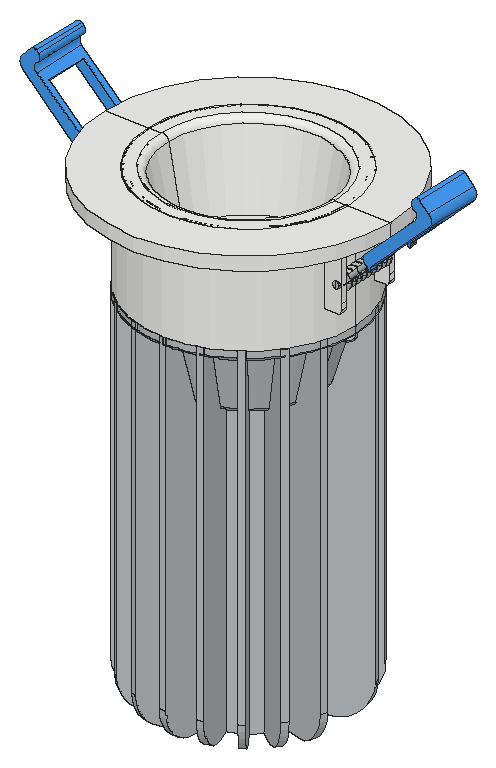
Revit family "2 inch  PORLA LED DOWNLIGHT", category Lighting Fixtures, host Face, Revit 2020 (continued)
Definition of nested family "DLR 2 INCH"
  Automatic sketch dimensions
    Extrusion 29 sketch curve to Extrusion 29 sketch curve = 0' - 0.08165"
    Extrusion 29 sketch curve to Extrusion 29 sketch curve = 0' - 0.02365"  (x2)
    Extrusion 29 sketch curve to Extrusion 29 sketch curve = 0' - 0.05452"
    Extrusion 29 sketch curve to plane 9 = 0' - 0.05332"
    Extrusion 29 sketch curve to Extrusion 29 sketch curve = 0' - 0.01827"
    Extrusion 29 sketch curve to plane 9 = 0' - 0.01679"
    Extrusion 29 sketch curve to plane 9 = 0' - 0.01433"
    Extrusion 29 sketch curve to plane 9 = 0' - 0.00472"
    plane 9 to Extrusion 29 sketch curve = 0' - 0.03558"
    Extrusion 29 sketch curve to Extrusion 29 sketch curve = 0' - 0.10315"
    Extrusion 29 sketch curve to Extrusion 29 sketch curve = 0' - 0.03579"
    Extrusion 29 sketch curve to Extrusion 29 sketch curve = 0' - 0.00419"
    Extrusion 29 sketch curve to Extrusion 29 sketch curve = 0' - 0.10983"
    Extrusion 29 sketch curve to Extrusion 29 sketch curve = 0' - 0.04898"
    Extrusion 29 sketch curve to plane 12 = 0' - 0.18279"
    Extrusion 29 sketch curve to Extrusion 29 sketch curve = 0' - 0.05616"
    Extrusion 29 sketch curve to Extrusion 29 sketch curve = 0' - 0.05381"
    Extrusion 29 sketch curve to Extrusion 29 sketch curve = 0' - 0.01893"
    Extrusion 29 sketch curve to Extrusion 29 sketch curve = 0' - 0.03608"
    Extrusion 29 sketch curve to Extrusion 29 sketch curve = 0' - 0.01315"
    plane 9 to Extrusion 29 sketch curve = 0' - 0.03504"
    Extrusion 29 sketch curve to Extrusion 29 sketch curve = 0' - 0.00378"
    Extrusion 29 sketch curve to Extrusion 29 sketch curve = 0' - 0.0037"
    Extrusion 30 sketch curve to plane 12 = 0' - 0.10605"
    plane 9 to Extrusion 30 sketch curve = 0' - 0.58378"
    Extrusion 30 sketch curve to plane 12 = 0' - 0.25545"
    Extrusion 30 sketch curve to Extrusion 30 sketch curve = 0' - 0.1494"
    plane 9 to Extrusion 30 sketch curve = 0' - 0.01799"
    Extrusion 30 sketch curve to plane 9 = 0' - 0.15117"
    plane 7 to Sweep 31 sketch curve = 0' - 0.1282"
    Sweep 31 sketch curve to Sweep 31 sketch curve = 0' - 0.03776"
    Sweep 31 sketch curve to Sweep 31 sketch curve = 0' - 0.05635"  (x2)
    Sweep 31 sketch curve to Sweep 31 sketch curve = 0' - 0.08534"
    Sweep 31 sketch curve to plane 12 = 0' - 0.56322"
    Sweep 31 sketch curve to Sweep 31 sketch curve = 0' - 0.02328"
    Sweep 31 sketch curve to Sweep 31 sketch curve = 0' - 0.09411"
    plane 7 to Sweep 31 sketch curve = 0' - 0.01316"
    Sweep 31 sketch curve to Sweep 31 sketch curve = 0' - 0"
    Sweep 31 sketch curve to Sweep 31 sketch curve = 0' - 0.03061"
    Sweep 31 sketch curve to Sweep 31 sketch curve = 0' - 0.11504"
    Sweep 31 sketch curve to profile plane = 0' - 0"  (x2)
    plane 7 to Sweep 32 sketch curve = 0' - 0.1282"
    Sweep 32 sketch curve to Sweep 32 sketch curve = 0' - 0.03776"
    Sweep 32 sketch curve to Sweep 32 sketch curve = 0' - 0.05635"  (x2)
    Sweep 32 sketch curve to Sweep 32 sketch curve = 0' - 0.08534"
    Sweep 32 sketch curve to plane 12 = 0' - 0.38947"
    Sweep 32 sketch curve to Sweep 32 sketch curve = 0' - 0.09411"
    Sweep 32 sketch curve to Sweep 32 sketch curve = 0' - 0.07963"
    plane 7 to Sweep 32 sketch curve = 0' - 0.01316"
    Sweep 32 sketch curve to Sweep 32 sketch curve = 0' - 0"
    Sweep 32 sketch curve to Sweep 32 sketch curve = 0' - 0.03061"
    Sweep 32 sketch curve to Sweep 32 sketch curve = 0' - 0.11504"
    Sweep 32 sketch curve to profile plane = 0' - 0"
    profile plane to Sweep 32 sketch curve = 0' - 0"
    plane 7 to Extrusion 33 sketch curve = 0' - 0.25979"
    Extrusion 33 sketch curve to Extrusion 33 sketch curve = 0' - 0.04248"
    Extrusion 33 sketch curve to Extrusion 33 sketch curve = 0' - 0.13176"
    Extrusion 33 sketch curve to Extrusion 33 sketch curve = 0' - 0.16675"
    plane 13 to Extrusion 33 sketch curve = 0' - 0 5/16"
    Extrusion 33 sketch curve to Extrusion 33 sketch curve = 0' - 0.06825"
    Extrusion 33 sketch curve to plane 12 = 0' - 0.25837"
    Extrusion 33 sketch curve to Extrusion 33 sketch curve = 0' - 0.06354"
    Extrusion 33 sketch curve to Extrusion 33 sketch curve = 0' - 0.02574"
    Revolve 34 sketch curve to plane 10 = 0' - 0.25482"
    Revolve 34 sketch curve to plane 1 "Center (Front/Back)" = 0' - 0.30128"
    Revolve 34 sketch curve to Revolve 34 sketch curve = 0' - 0.06923"
    Revolve 34 sketch curve to plane 12 = 0' - 0.56053"
    Revolve 34 sketch curve to Revolve 34 sketch curve = 0' - 0.03467"
    plane 1 "Center (Front/Back)" to Revolve 34 sketch curve = 0' - 0.05486"
    Revolve 34 sketch curve to plane 1 "Center (Front/Back)" = 0' - 0.11831"
    Revolve 34 sketch curve to Revolve 34 sketch curve = 0' - 0"
    plane 7 to Extrusion 35 sketch curve = 0' - 0.25979"
    Extrusion 35 sketch curve to Extrusion 35 sketch curve = 0' - 0.04248"
    Extrusion 35 sketch curve to Extrusion 35 sketch curve = 0' - 0.13176"
    Extrusion 35 sketch curve to Extrusion 35 sketch curve = 0' - 0.16675"
    Extrusion 35 sketch curve to plane 12 = 0' - 0.11319"
    Extrusion 35 sketch curve to Extrusion 35 sketch curve = 0' - 0.05589"
    Extrusion 35 sketch curve to Extrusion 35 sketch curve = 0' - 0.08928"
    plane 13 to Extrusion 35 sketch curve = 0' - 0.42323"
    Extrusion 35 sketch curve to Extrusion 35 sketch curve = 0' - 0.06825"
    Extrusion 36 sketch curve to plane 9 = 0' - 0.25979"
    Extrusion 36 sketch curve to Extrusion 36 sketch curve = 0' - 0.04248"
    Extrusion 36 sketch curve to Extrusion 36 sketch curve = 0' - 0.13176"
    Extrusion 36 sketch curve to Extrusion 36 sketch curve = 0' - 0.16675"
    Extrusion 36 sketch curve to plane 13 = 0' - 0 5/16"
    Extrusion 36 sketch curve to Extrusion 36 sketch curve = 0' - 0.06825"
    plane 12 to Extrusion 36 sketch curve = 0' - 0.25837"
    Extrusion 36 sketch curve to Extrusion 36 sketch curve = 0' - 0.06354"
    Extrusion 36 sketch curve to Extrusion 36 sketch curve = 0' - 0.02574"
    Revolve 37 sketch curve to plane 10 = 0' - 0.25482"
    Revolve 37 sketch curve to plane 1 "Center (Front/Back)" = 0' - 0.30128"
    Revolve 37 sketch curve to Revolve 37 sketch curve = 0' - 0.06923"
    Revolve 37 sketch curve to plane 12 = 0' - 0.52586"
    Revolve 37 sketch curve to Revolve 37 sketch curve = 0' - 0.03467"
    plane 1 "Center (Front/Back)" to Revolve 37 sketch curve = 0' - 0.05486"
    Revolve 37 sketch curve to plane 1 "Center (Front/Back)" = 0' - 0.11831"
    Revolve 37 sketch curve to Revolve 37 sketch curve = 0' - 0"
    plane 9 to Extrusion 38 sketch curve = 0' - 0.25979"
    Extrusion 38 sketch curve to Extrusion 38 sketch curve = 0' - 0.04248"
    Extrusion 38 sketch curve to Extrusion 38 sketch curve = 0' - 0.13176"
    Extrusion 38 sketch curve to Extrusion 38 sketch curve = 0' - 0.16675"
    plane 13 to Extrusion 38 sketch curve = 0' - 0 5/16"
    Extrusion 38 sketch curve to Extrusion 38 sketch curve = 0' - 0.06825"
    Extrusion 38 sketch curve to plane 12 = 0' - 0.25837"
    Extrusion 38 sketch curve to Extrusion 38 sketch curve = 0' - 0.06354"
    Extrusion 38 sketch curve to Extrusion 38 sketch curve = 0' - 0.02574"
    plane 7 to Sweep 39 sketch curve = 0' - 0.30611"
    Sweep 39 sketch curve to plane 12 = 0' - 0.55989"
    Sweep 39 sketch curve to profile plane = 0' - 0.00923"
    Sweep 39 sketch curve to plane 1 "Center (Front/Back)" = 0' - 0.21211"
    plane 7 to Sweep 40 sketch curve = 0' - 0.30611"
    Sweep 40 sketch curve to plane 12 = 0' - 0.55989"
    Sweep 40 sketch curve to profile plane = 0' - 0.00923"
    plane 1 "Center (Front/Back)" to Sweep 40 sketch curve = 0' - 0.20689"
    plane 7 to Sweep 41 sketch curve = 0' - 0.30611"
    Sweep 41 sketch curve to plane 12 = 0' - 0.55989"
    Sweep 41 sketch curve to profile plane = 0' - 0.00923"
    Sweep 41 sketch curve to plane 1 "Center (Front/Back)" = 0' - 0.14227"
    plane 7 to Sweep 42 sketch curve = 0' - 0.30611"
    Sweep 42 sketch curve to plane 12 = 0' - 0.55989"
    Sweep 42 sketch curve to profile plane = 0' - 0.00923"
    Sweep 42 sketch curve to plane 1 "Center (Front/Back)" = 0' - 0.07244"
    plane 7 to Sweep 43 sketch curve = 0' - 0.30611"
    Sweep 43 sketch curve to plane 12 = 0' - 0.55989"
    Sweep 43 sketch curve to plane 1 "Center (Front/Back)" = 0' - 0.00261"
    Sweep 43 sketch curve to profile plane = 0' - 0.00923"
    plane 7 to Sweep 44 sketch curve = 0' - 0.30611"
    Sweep 44 sketch curve to plane 12 = 0' - 0.55989"
    Sweep 44 sketch curve to profile plane = 0' - 0.00923"
    plane 1 "Center (Front/Back)" to Sweep 44 sketch curve = 0' - 0.06722"
    plane 7 to Sweep 45 sketch curve = 0' - 0.30611"
    Sweep 45 sketch curve to plane 12 = 0' - 0.55989"
    Sweep 45 sketch curve to profile plane = 0' - 0.00923"
    plane 1 "Center (Front/Back)" to Sweep 45 sketch curve = 0' - 0.13706"
    plane 9 to Sweep 46 sketch curve = 0' - 0.1282"
    Sweep 46 sketch curve to Sweep 46 sketch curve = 0' - 0.03776"
    Sweep 46 sketch curve to Sweep 46 sketch curve = 0' - 0.05635"  (x2)
    Sweep 46 sketch curve to Sweep 46 sketch curve = 0' - 0.08534"
    Sweep 46 sketch curve to plane 12 = 0' - 0.38947"
    Sweep 46 sketch curve to Sweep 46 sketch curve = 0' - 0.09411"
    Sweep 46 sketch curve to Sweep 46 sketch curve = 0' - 0.07963"
    plane 9 to Sweep 46 sketch curve = 0' - 0.01316"
    Sweep 46 sketch curve to Sweep 46 sketch curve = 0' - 0"
    Sweep 46 sketch curve to Sweep 46 sketch curve = 0' - 0.03061"
    Sweep 46 sketch curve to Sweep 46 sketch curve = 0' - 0.11504"
    Sweep 46 sketch curve to profile plane = 0' - 0"  (x2)
    plane 9 to Sweep 47 sketch curve = 0' - 0.1282"
    Sweep 47 sketch curve to Sweep 47 sketch curve = 0' - 0.03776"
    Sweep 47 sketch curve to Sweep 47 sketch curve = 0' - 0.05635"  (x2)
    Sweep 47 sketch curve to Sweep 47 sketch curve = 0' - 0.08534"
    Sweep 47 sketch curve to plane 12 = 0' - 0.56322"
    Sweep 47 sketch curve to Sweep 47 sketch curve = 0' - 0.02328"
    Sweep 47 sketch curve to Sweep 47 sketch curve = 0' - 0.09411"
    plane 9 to Sweep 47 sketch curve = 0' - 0.01316"
    Sweep 47 sketch curve to Sweep 47 sketch curve = 0' - 0"
    Sweep 47 sketch curve to Sweep 47 sketch curve = 0' - 0.03061"
    Sweep 47 sketch curve to Sweep 47 sketch curve = 0' - 0.11504"
    Sweep 47 sketch curve to profile plane = 0' - 0"
    profile plane to Sweep 47 sketch curve = 0' - 0"
    Sweep 48 sketch curve to plane 9 = 0' - 0.30611"
    plane 12 to Sweep 48 sketch curve = 0' - 0.55989"
    profile plane to Sweep 48 sketch curve = 0' - 0.00923"
    Sweep 48 sketch curve to plane 1 "Center (Front/Back)" = 0' - 0.21211"
    Sweep 49 sketch curve to plane 9 = 0' - 0.30611"
    plane 12 to Sweep 49 sketch curve = 0' - 0.55989"
    profile plane to Sweep 49 sketch curve = 0' - 0.00923"
    plane 1 "Center (Front/Back)" to Sweep 49 sketch curve = 0' - 0.20689"
    Sweep 50 sketch curve to plane 9 = 0' - 0.30611"
    plane 12 to Sweep 50 sketch curve = 0' - 0.55989"
    profile plane to Sweep 50 sketch curve = 0' - 0.00923"
    Sweep 50 sketch curve to plane 1 "Center (Front/Back)" = 0' - 0.14227"
    Sweep 51 sketch curve to plane 9 = 0' - 0.30611"
    plane 12 to Sweep 51 sketch curve = 0' - 0.55989"
    profile plane to Sweep 51 sketch curve = 0' - 0.00923"
    Sweep 51 sketch curve to plane 1 "Center (Front/Back)" = 0' - 0.07244"
    Sweep 52 sketch curve to plane 9 = 0' - 0.30611"
    plane 12 to Sweep 52 sketch curve = 0' - 0.55989"
    Sweep 52 sketch curve to plane 1 "Center (Front/Back)" = 0' - 0.00261"
    profile plane to Sweep 52 sketch curve = 0' - 0.00923"
    Sweep 53 sketch curve to plane 9 = 0' - 0.30611"
    plane 12 to Sweep 53 sketch curve = 0' - 0.55989"
    profile plane to Sweep 53 sketch curve = 0' - 0.00923"
    plane 1 "Center (Front/Back)" to Sweep 53 sketch curve = 0' - 0.06722"
    Sweep 54 sketch curve to plane 9 = 0' - 0.30611"
    plane 12 to Sweep 54 sketch curve = 0' - 0.55989"
    profile plane to Sweep 54 sketch curve = 0' - 0.00923"
    plane 1 "Center (Front/Back)" to Sweep 54 sketch curve = 0' - 0.13706"
    Revolve 55 sketch curve to plane 6 = 0' - 0"
    Revolve 55 sketch curve to plane 3 "Center (Left/Right)" = 0' - 0"
    Revolve 55 sketch curve to plane 3 "Center (Left/Right)" = 0' - 0.02498"
    Revolve 55 sketch curve to plane 13 = 0' - 1.39347"
    Revolve 55 sketch curve to plane 13 = 0' - 0.3029"
    plane 13 to Revolve 55 sketch curve = 0' - 0.19554"
    Revolve 55 sketch curve to Revolve 55 sketch curve = 0' - 0.01997"
    Revolve 55 sketch curve to Revolve 55 sketch curve = 0' - 0.19685"
    radius of Sweep 31 sketch curve = 0' - 0.02253"
    radius of Sweep 32 sketch curve = 0' - 0.02253"
    radius of Sweep 39 sketch curve = 0' - 0.06957"
    radius of Sweep 39 sketch curve = 0' - 0.02352"
    radius of Sweep 40 sketch curve = 0' - 0.06957"
    radius of Sweep 40 sketch curve = 0' - 0.02352"
    radius of Sweep 41 sketch curve = 0' - 0.06957"
    radius of Sweep 41 sketch curve = 0' - 0.02352"
    radius of Sweep 42 sketch curve = 0' - 0.06957"
    radius of Sweep 42 sketch curve = 0' - 0.02352"
    radius of Sweep 43 sketch curve = 0' - 0.06957"
    radius of Sweep 43 sketch curve = 0' - 0.02352"
    radius of Sweep 44 sketch curve = 0' - 0.06957"
    radius of Sweep 44 sketch curve = 0' - 0.02352"
    radius of Sweep 45 sketch curve = 0' - 0.06957"
    radius of Sweep 45 sketch curve = 0' - 0.02352"
    radius of Sweep 46 sketch curve = 0' - 0.02253"
    radius of Sweep 47 sketch curve = 0' - 0.02253"
    radius of Sweep 48 sketch curve = 0' - 0.06957"
    radius of Sweep 48 sketch curve = 0' - 0.02352"
    radius of Sweep 49 sketch curve = 0' - 0.06957"
    radius of Sweep 49 sketch curve = 0' - 0.02352"
    radius of Sweep 50 sketch curve = 0' - 0.06957"
    radius of Sweep 50 sketch curve = 0' - 0.02352"
    radius of Sweep 51 sketch curve = 0' - 0.06957"
    radius of Sweep 51 sketch curve = 0' - 0.02352"
    radius of Sweep 52 sketch curve = 0' - 0.06957"
    radius of Sweep 52 sketch curve = 0' - 0.02352"
    radius of Sweep 53 sketch curve = 0' - 0.06957"
    radius of Sweep 53 sketch curve = 0' - 0.02352"
    radius of Sweep 54 sketch curve = 0' - 0.06957"
    radius of Sweep 54 sketch curve = 0' - 0.02352"
Types (11): name | Wattage | WATTS | Voltage | built-in parameter 1150134 | Replaces/Equiv.(MH) | Photometric Web File | Order number | Model | built-in parameter 1150105 | Lumens | built-in parameter 1150107 | built-in parameter 1150106 | Apparent Load
  (no name) | 6.7321 W | 12 W | 120 V | 2 | "75W incandescent" | "POR02-DLR-10LM-90 5000K.IES" | "90830A" | "POR02-DLR-10LM-90-MWH" | 2254.7 (stored number, unit not read) | 1000 lm | 5000 (stored number, unit not read) | 22.547 (stored number, unit not read) | 15 VA
  POR02-DLR-06LM-90-MWH-3000K | 4.03926 W | 8 W | 0 V | (empty or 0) | "50W incandescent" | "POR02-DLR-06LM-90 3000K.IES" | "90826A" | "POR02-DLR-06LM-90-MWH" | 47.746 (stored number, unit not read) | 600 lm | 3000 (stored number, unit not read) | 0.47746 (stored number, unit not read) | 10 VA
  POR02-DLR-10LM-90-MWH-3000K | 6.7321 W | 12 W | 0 V | (empty or 0) | "75W incandescent" | "POR02-DLR-10LM-90 3000K.IES" | "90830A" | "POR02-DLR-10LM-90-MWH" | 2254.7 (stored number, unit not read) | 1000 lm | 3000 (stored number, unit not read) | 22.547 (stored number, unit not read) | 15 VA
  POR02-DLR-06LM-90-MWH-2700K | 4.03926 W | 8 W | 0 V | (empty or 0) | "50W incandescent" | "POR02-DLR-06LM-90 2700K.IES" | "90826A" | "POR02-DLR-06LM-90-MWH" | 47.746 (stored number, unit not read) | 600 lm | 2700 (stored number, unit not read) | 0.47746 (stored number, unit not read) | 10 VA
  POR02-DLR-06LM-90-MWH-3500K | 4.03926 W | 8 W | 0 V | (empty or 0) | "50W incandescent" | "POR02-DLR-06LM-90 3500K.IES" | "90826A" | "POR02-DLR-06LM-90-MWH" | 47.746 (stored number, unit not read) | 600 lm | 3500 (stored number, unit not read) | 0.47746 (stored number, unit not read) | 10 VA
  POR02-DLR-06LM-90-MWH-4000K | 4.03926 W | 8 W | 0 V | 12 | "50W incandescent" | "POR02-DLR-06LM-90 4000K.IES" | "90826A" | "POR02-DLR-06LM-90-MWH" | 47.746 (stored number, unit not read) | 600 lm | 4000 (stored number, unit not read) | 0.47746 (stored number, unit not read) | 10 VA
  POR02-DLR-06LM-90-MWH-5000K | 4.03926 W | 8 W | 0 V | 2 | "50W incandescent" | "POR02-DLR-06LM-90 5000K.IES" | "90826A" | "POR02-DLR-06LM-90-MWH" | 47.746 (stored number, unit not read) | 600 lm | 5000 (stored number, unit not read) | 0.47746 (stored number, unit not read) | 10 VA
  POR02-DLR-10LM-90-MWH-2700K | 6.7321 W | 12 W | 0 V | (empty or 0) | "75W incandescent" | "POR02-DLR-10LM-90 2700K.IES" | "90830A" | "POR02-DLR-10LM-90-MWH" | 2254.7 (stored number, unit not read) | 1000 lm | 2700 (stored number, unit not read) | 22.547 (stored number, unit not read) | 15 VA
  POR02-DLR-10LM-90-MWH-3500K | 6.7321 W | 12 W | 0 V | (empty or 0) | "75W incandescent" | "POR02-DLR-10LM-90 3500K.IES" | "90830A" | "POR02-DLR-10LM-90-MWH" | 2254.7 (stored number, unit not read) | 1000 lm | 3500 (stored number, unit not read) | 22.547 (stored number, unit not read) | 15 VA
  POR02-DLR-10LM-90-MWH-4000K | 6.7321 W | 12 W | 0 V | 12 | "75W incandescent" | "POR02-DLR-10LM-90 4000K.IES" | "90830A" | "POR02-DLR-10LM-90-MWH" | 2254.7 (stored number, unit not read) | 1000 lm | 4000 (stored number, unit not read) | 22.547 (stored number, unit not read) | 15 VA
  POR02-DLR-10LM-90-MWH-5000K | 6.7321 W | 12 W | 120 V | 2 | "75W incandescent" | "POR02-DLR-10LM-90 5000K.IES" | "90830A" | "POR02-DLR-10LM-90-MWH" | 2254.7 (stored number, unit not read) | 1000 lm | 5000 (stored number, unit not read) | 22.547 (stored number, unit not read) | 15 VA
